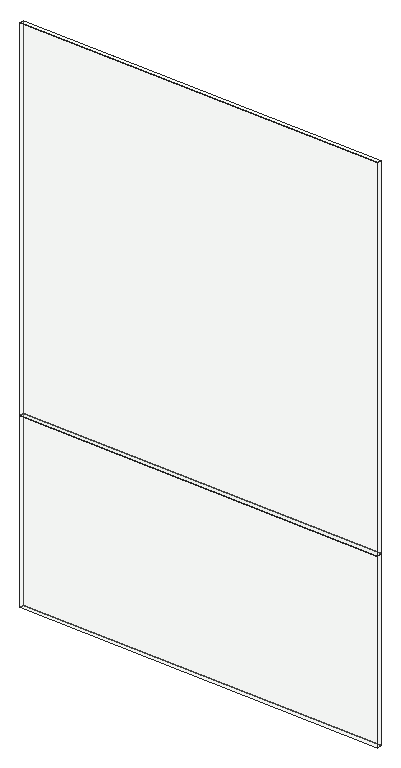
Revit family "Panel_Glass Double Pane_Exterior", category Curtain Panels, Revit 2024
Family settings
  Always vertical = Yes
  Cut with Voids When Loaded = No
  Shared = No
Parameters (values of type "Default")
  Upper Pane = _Default - Glass - Exterior Transparent
  Thickness_Glass = 25 mm
  Offset_Wall CL - Glass CL = 0 mm
  Lower Pane = _Default - Glass - Exterior Transparent
  Height_Lower Pane = 800 mm
  EA_Repath [instance] = 0 mm
  Define Thermal Properties by = Schematic Type
  Assembly Code = ""
  Analytic Construction = "<None>"
Reference planes
  plane 1 "Center (Front/Back)": y = 0
  plane 2: z = 0
  plane 3 "Center (Left/Right)": x = 0
  plane 4 "Left": x = -831.877
  plane 5 "Right": x = 831.877
  plane 6 "Top": z = 2438.4
  plane 7: y = 0
  plane 8: z = 800
Forms (mm)
  Extrusion 1, solid, material "_Default - Glass - Exterior Transparent" <- "Lower Pane"
    sketch origin (0, 0, 0) x (1, 0, 0) y (0, 1, 0)
      loop
        line (-831.877, 12.5) -> (-831.877, -12.5) -> (831.877, -12.5) -> (831.877, 12.5) -> (-831.877, 12.5)
    from 0 to 800
  Extrusion 2, solid, material "_Default - Glass - Exterior Transparent" <- "Upper Pane"
    sketch origin (0, 0, 1219.2) x (1, 0, 0) y (0, 1, 0)
      loop
        line (-831.877, 12.5) -> (-831.877, -12.5) -> (831.877, -12.5) -> (831.877, 12.5) -> (-831.877, 12.5)
    from -419.2 to 1219.2
Text (mm)
  text "Exterior" at (-1379.057, 797.241, 0), in view "Ref. Level"
  text "Exterior" at (12192, 1055.114, 2275.943), in view "Right"
  text "Exterior" at (-6096, 1468.734, 2687.031), in view "Left"
Dimensions and locks
  equal spacing: plane 4 "Left", plane 3 "Center (Left/Right)", plane 5 "Right"
  "Thickness_Glass": Extrusion 1 sketch curve to Extrusion 1 sketch curve
  equal spacing: Extrusion 1 sketch curve, plane 7, Extrusion 1 sketch curve
  "Offset_Wall CL - Glass CL": plane 7 to plane 1 "Center (Front/Back)"
  "Thickness_Glass": Extrusion 2 sketch curve to Extrusion 2 sketch curve
  Extrusion 2 sketch curve to Extrusion 2 sketch curve = 25 mm
  "Height_Lower Pane": plane 2 to plane 8
  aligned and locked: plane 4 "Left" to Extrusion 1 sketch curve
  aligned and locked: plane 5 "Right" to Extrusion 1 sketch curve
  aligned and locked: plane 8 to Extrusion 1
  aligned and locked: Extrusion 2 to Extrusion 1  (x2)
  aligned and locked: Extrusion 2 to plane 6 "Top"
Automatic sketch dimensions
  Extrusion 2 sketch curve to plane 4 "Left" = 0 mm
  Extrusion 2 sketch curve to plane 5 "Right" = 0 mm
  plane 7 to Extrusion 2 sketch curve = 12.5 mm
